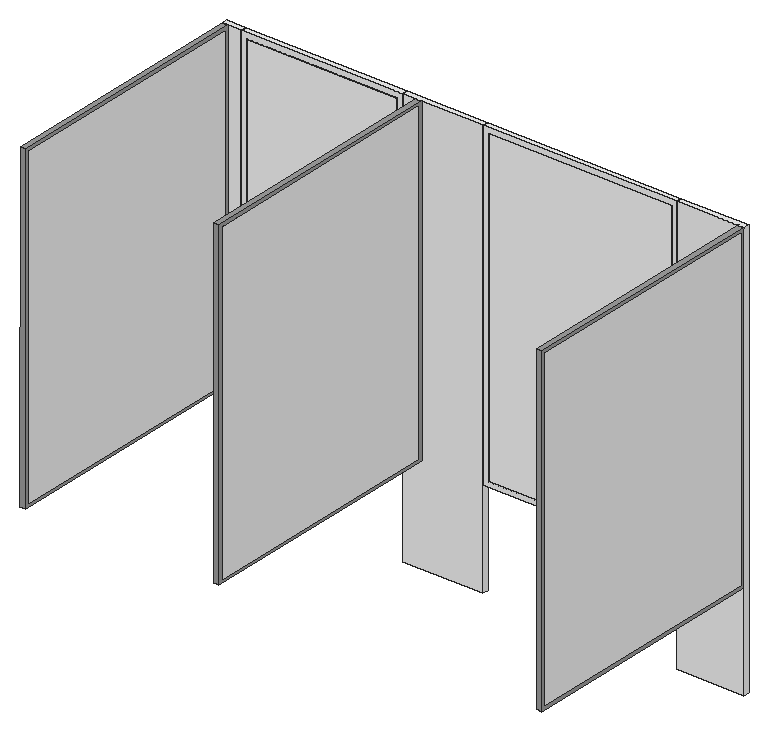
Revit family
Parameters (values of type "Parametric")
  Subcategory = "Bathroom Fixture"
  SmartBIM Object Version = 3  # constant formula
  SmartBIM Object Created By = "Reed Construction Data"  # constant formula
  Right Stall Width = 5' - 0"
  Panel Thickness = 0' - 1"
  Panel Material = Stainless steel
  Panel Length = Depth - Panel Thickness  # 3' - 11"
  Panel Height = 5' - 0"
  Manufacturer = ""
  Left Stall Width = 3' - 0"
  Left Stall Door Width = 2' - 6"
  Hinge Right = yes
  Height = 6' - 6"
  Handle Height = 2' - 6"
  Handle = yes
  Depth = 4' - 0"
  Assembly Code = "C1030110"
  95 CSI = "11420"
  2D Door Swing = 45.00°
  04 CSI = "11 44 00"
Reference planes (in)
  plane 1: y = 0
  plane 2 "Stall Separation": x = 0
  plane 3 "Wall Edge": y = 3
  plane 4: x = -36
  plane 5: x = 60
  plane 6 "Outer Edge": y = 51
  plane 7: y = 50
  plane 8 "Top of Panels": z = 78
  plane 9 "Bottom of Panel": z = 18
  plane 10: x = -18
  plane 11: x = 30
  plane 12 "Door Alignment": y = 50.5
Forms (in)
  Extrusion 1, solid, material "Stainless steel" <- "Panel Material"
    sketch origin (0, 0, 0) x (1, 0, 0) y (0, 1, 0)
      loop
        line (48, 51) -> (48, 50) -> (60.5, 50) -> (60.5, 51) -> (48, 51)
    from 0 to 78
  Extrusion 2, solid, material "Stainless steel" <- "Panel Material"
    sketch origin (0, 0, 0) x (1, 0, 0) y (0, 1, 0)
      loop
        line (-3, 50) -> (12, 50) -> (12, 51) -> (-3, 51) -> (-3, 50)
    from 0 to 78
  Extrusion 3, solid, material "Stainless steel" <- "Panel Material"
    sketch origin (-54, 0, 0) x (-1, 0, 0) y (0, -1, 0)
      loop
        line (-21, -50) -> (-21, -51) -> (-17.5, -51) -> (-17.5, -50) -> (-21, -50)
    from 0 to 78
Lines and regions (in)
  model lines
    curve 1: line (60.5, 51, 75) -> (48, 51, 75)
    curve 2: line (-3, 51, 75) -> (12, 51, 75)
    curve 3: line (-36.5, 51, 75) -> (-33, 51, 75)
Text (in)
  text "Placement Side" at (0, 40.15149, 123.01588), in view "Right"
  text "Placement Side" at (-70.3804, 28.46503, 0), in view "Ref. Level"
  text "Placement Side" at (0, 81.62555, 140.59947), in view "Left"
Dimensions and locks (in)
  locked: plane 3 "Wall Edge" to host wall
  "Depth": plane 6 "Outer Edge" to plane 3 "Wall Edge"
  "Right Stall Width": plane 2 "Stall Separation" to plane 5
  "Left Stall Width": plane 4 to plane 2 "Stall Separation"
  "Panel Thickness": plane 6 "Outer Edge" to plane 7
  "Panel Height": plane 8 "Top of Panels" to plane 9 "Bottom of Panel"
  "Height": plane 8 "Top of Panels" to level
  equal spacing: plane 4, plane 10, plane 2 "Stall Separation"
  equal spacing: plane 2 "Stall Separation", plane 11, plane 5
  locked: curve 1 to plane 8 "Top of Panels" at 3
  locked: curve 2 to Extrusion 2 at 3
  locked: curve 3 to plane 8 "Top of Panels" at 3
  equal spacing: plane 6 "Outer Edge", plane 12 "Door Alignment", plane 7
  aligned and locked: plane 3 "Wall Edge" to nested 1
  aligned and locked: plane 4 to nested 1
  aligned and locked: plane 3 "Wall Edge" to nested 2
  aligned and locked: plane 8 "Top of Panels" to nested 1
  aligned and locked: plane 8 "Top of Panels" to nested 2
  aligned and locked: nested 3 to plane 2 "Stall Separation"
  aligned and locked: plane 3 "Wall Edge" to nested 3
  aligned and locked: plane 8 "Top of Panels" to nested 3
  aligned and locked: nested 2 to plane 5
  aligned and locked: plane 8 "Top of Panels" to nested 4
  aligned and locked: nested 4 to plane 11
  aligned and locked: Extrusion 1 sketch curve to plane 6 "Outer Edge"
  aligned and locked: nested 4 to Extrusion 1 sketch curve
  aligned and locked: Extrusion 1 sketch curve to plane 7
  aligned and locked: plane 8 "Top of Panels" to Extrusion 1
  aligned and locked: Extrusion 1 to curve 1  (x2)
  aligned and locked: nested 5 to plane 10
  aligned and locked: plane 8 "Top of Panels" to nested 5
  aligned and locked: Extrusion 2 sketch curve to plane 7
  aligned and locked: Extrusion 2 sketch curve to plane 6 "Outer Edge"
  aligned and locked: nested 5 to Extrusion 2 sketch curve
  aligned and locked: nested 4 to Extrusion 2 sketch curve
  aligned and locked: plane 8 "Top of Panels" to Extrusion 2
  aligned and locked: Extrusion 2 to curve 2  (x2)
  aligned and locked: Extrusion 3 sketch curve to nested 1
  aligned and locked: plane 6 "Outer Edge" to Extrusion 3 sketch curve
  aligned and locked: plane 7 to Extrusion 3 sketch curve
  aligned and locked: nested 5 to Extrusion 3 sketch curve
  aligned and locked: Extrusion 3 to curve 3  (x2)
  aligned and locked: plane 8 "Top of Panels" to Extrusion 3
  aligned and locked: nested 4 to plane 12 "Door Alignment"
  aligned and locked: nested 5 to plane 12 "Door Alignment"
Automatic sketch dimensions
  plane 5 to Extrusion 1 sketch curve = 0' - 0 1/2"
Nested families (in)
  nested 1: "Panel" at (-36.5, 49.5, 18.5) x (0, 1, 0) z (0, 0, 1), type "Parametric"
    with Width 3' - 11"
  nested 2: "Panel" at (59.5, 49.5, 18.5) x (0, 1, 0) z (0, 0, 1), type "Parametric"
    with Width 3' - 11"
  nested 3: "Panel" at (-0.5, 49.5, 18.5) x (0, 1, 0) z (0, 0, 1), type "Parametric"
    with Width 3' - 11"
  nested 4: "Door-ToiletPartition" at (12, 50, 18) x (-1, 0, 0) z (0, 0, 1), type "Door"
    with Width 3' - 0", Handle Left/Right Offset 0' - 5.4"
  nested 5: "Door-ToiletPartition" at (-33, 50, 18) x (-1, 0, 0) z (0, 0, 1), Width <- "Left Stall Door Width", type "Door"
    with Width 2' - 6", Handle Left/Right Offset 0' - 4 1/2"
Definition of nested family "Panel"
  Parameters (values of type "Panel")
    Width = 6' - 0"
    Thickness = 0' - 1"
    Panel Material = Stainless steel
    Height = 5' - 0"
    Assembly Code = ""
  Reference planes (in)
    plane 1 "Back": y = 0
    plane 2: z = 0
    plane 3 "Center (Left/Right)": x = 0
    plane 4: x = -71.5
    plane 5: z = 59
    plane 6 "Front": y = -1
    plane 7: x = -71
    plane 8: x = 0.5
    plane 9: z = 59.5
    plane 10: z = -0.5
    plane 11 "Center (Front/Back)": y = -0.5
  Forms (in)
    Sweep 1, solid, material "Default"
      path origin (0, 0, 0) x (1, 0, 0) y (0, 0, 1)
        loop
          line (-71.5, -0.5) -> (0.5, -0.5) -> (0.5, 59.5) -> (-71.5, 59.5) -> (-71.5, -0.5)
      profile origin (-35.5, 0, -0.5) x (0, 0, 1) y (0, -1, 0)
        loop
          line (0, 0) -> (0.5, 0) -> (0.5, 1) -> (0, 1) -> (0, 0)
    Extrusion 2, solid, material "Stainless steel" <- "Panel Material"
      sketch origin (0, 0, 0) x (1, 0, 0) y (0, 0, 1)
        loop
          line (-71, 59) -> (-71, 0) -> (0, 0) -> (0, 59) -> (-71, 59)
      from 0 to 1
  Dimensions and locks (in)
    "Width": plane 4 to plane 8
    "Height": plane 9 to plane 10
    "Thickness": plane 6 "Front" to plane 1 "Back"
    locked: level to plane 10 at 0.5
    locked: plane 4 to plane 7 at 0.5
    locked: plane 8 to plane 3 "Center (Left/Right)" at 0.5
    locked: plane 9 to plane 5 at 0.5
    equal spacing: plane 1 "Back", plane 11 "Center (Front/Back)", plane 6 "Front"
    aligned and locked: plane 4 to Sweep 1 sketch curve
    aligned and locked: Sweep 1 sketch curve to plane 10
    aligned and locked: plane 9 to Sweep 1 sketch curve
    aligned and locked: plane 8 to Sweep 1 sketch curve
    aligned and locked: profile plane to Sweep 1 sketch curve
    aligned and locked: Sweep 1 sketch curve to profile plane
    aligned and locked: level to Sweep 1 sketch curve
    aligned and locked: plane 6 "Front" to Sweep 1 sketch curve
    aligned and locked: Extrusion 2 sketch curve to Sweep 1  (x4)
    aligned and locked: Extrusion 2 to plane 1 "Back"
    aligned and locked: Extrusion 2 to plane 6 "Front"
Definition of nested family "Door-ToiletPartition"
  Parameters (values of type "Door")
    Width [instance] = 3' - 0"
    Thickness = 0' - 1"
    Hinge Right = yes
    Hinge Left = not(Hinge Right)  # no
    Height = 5' - 0"
    Handle Thickness = 0' - 0 1/4"
    Handle Radius = 0' - 0 3/4"
    Handle Left/Right Offset [instance] = if(Hinge Left, 0.85 * Width, if(Hinge Right, 0.15 * Width, 0.85 * Width))  # 0' - 5.4"
    Handle Height = 2' - 6"
    Handle = yes
    Frame and Handle Material = Stainless steel
    Door Panel = Cover sheet cladding
    Assembly Code = ""
    2D Door Swing = 45.00°
  Reference planes (in)
    plane 1 "Back Edge": y = 0
    plane 2: z = 0
    plane 3 "Right": x = 0
    plane 4 "Left": x = -36
    plane 5: z = 60
    plane 6: z = 59
    plane 7: x = -35
    plane 8: x = -1
    plane 9: z = 1
    plane 10 "Front Edge": y = -1
    plane 11 "Center Left/Right": x = -18
    plane 12 "Handle Up/Down Placement": z = 30
    plane 13 "Handle Left/Right Placement": x = -5.4
    plane 14 "Center Front/Back": y = -0.5
    plane 15 "Door Center Up/Down": z = 30
  Forms (in)
    Sweep 1, solid, material "Stainless steel" <- "Frame and Handle Material"
      path origin (0, 0, 0) x (1, 0, 0) y (0, 0, 1)
        loop
          line (-36, 0) -> (0, 0) -> (0, 60) -> (-36, 60) -> (-36, 0)
      profile origin (-18, 0, 0) x (0, 0, 1) y (0, -1, 0)
        loop
          line (0, 0) -> (1, 0) -> (1, 1) -> (0, 1) -> (0, 0)
    Extrusion 2, solid, material "Cover sheet cladding" <- "Door Panel"
      sketch origin (0, 0, 0) x (1, 0, 0) y (0, 0, 1)
        loop
          line (-35, 1) -> (-1, 1) -> (-1, 59) -> (-35, 59) -> (-35, 1)
      from 0 to 1
  Dimensions and locks (in)
    "Width": plane 3 "Right" to plane 4 "Left"
    "Height": plane 5 to level
    "Thickness": plane 10 "Front Edge" to plane 1 "Back Edge"
    locked: plane 5 to plane 6 at 1
    locked: plane 7 to plane 4 "Left" at 1
    locked: plane 3 "Right" to plane 8 at 1
    locked: plane 9 to level at 1
    equal spacing: plane 3 "Right", plane 11 "Center Left/Right", plane 4 "Left"
    "Handle Height": plane 12 "Handle Up/Down Placement" to level
    "Handle Left/Right Offset": plane 3 "Right" to plane 13 "Handle Left/Right Placement"
    equal spacing: plane 10 "Front Edge", plane 14 "Center Front/Back", plane 1 "Back Edge"
    equal spacing: plane 5, plane 15 "Door Center Up/Down", level
    aligned and locked: plane 4 "Left" to Sweep 1 sketch curve
    aligned and locked: Sweep 1 sketch curve to plane 2
    aligned and locked: plane 5 to Sweep 1 sketch curve
    aligned and locked: plane 3 "Right" to Sweep 1 sketch curve
    aligned and locked: Sweep 1 sketch curve to profile plane
    aligned and locked: plane 9 to Sweep 1 sketch curve
    aligned and locked: Sweep 1 sketch curve to plane 10 "Front Edge"
    aligned and locked: Sweep 1 to Extrusion 2 sketch curve
    aligned and locked: Extrusion 2 sketch curve to Sweep 1  (x3)
    aligned and locked: plane 10 "Front Edge" to Extrusion 2
    aligned and locked: Extrusion 2 to plane 1 "Back Edge"
    aligned and locked: Extrusion 2 to plane 7
    aligned and locked: plane 8 to Extrusion 2
    aligned and locked: plane 1 "Back Edge" to Sweep 1 sketch curve
    aligned and locked: nested 1 to plane 10 "Front Edge"
    aligned and locked: plane 13 "Handle Left/Right Placement" to nested 1
    aligned and locked: plane 12 "Handle Up/Down Placement" to nested 1
    aligned and locked: plane 10 "Front Edge" to nested 2
    aligned and locked: plane 4 "Left" to nested 3
    aligned and locked: plane 15 "Door Center Up/Down" to nested 3
    aligned and locked: nested 2 to plane 4 "Left"
    aligned and locked: Sweep 1 to plane 1 "Back Edge"
  Nested families (in)
    nested 1: "Handle-ToiletPartition" at (-5.27589, -1.125, 29.25), visible <- "Handle", type "Handle-ToiletPartition"
      with Radius 0' - 0 3/4"
    nested 2: "Swing-Door" at (-15.89511, -16.10489, 0) x (-1, 0, 0) z (0, 0, 1), type "Swing-Door"
      with Panel Thickness 0' - 1"
    nested 3: "Door-Swing_Elevation" at (-36, 0, 0) x (1, 0, 0) z (0, -1, 0), Width <- "Width", Height <- "Height", type "Door-Swing_Elevation"
      with Width 3' - 0", Height 5' - 0", Hinge Right yes, Hinge Left no
  Definition of nested family "Handle-ToiletPartition"
    Parameters
      Thickness = 0' - 0 1/4"
      Radius = 0' - 1 1/2"
      Handle Material = none
    Reference planes (in)
      plane 1 "Center (Front/Back)": y = 0
      plane 2: z = 0
      plane 3 "Center (Left/Right)": x = -0.12411
      plane 4 "Back": y = 0.125
      plane 5 "Front": y = -0.125
      plane 6: x = -0.87411
      plane 7: x = 0.62589
      plane 8 "Top Edge": z = 1.5
      plane 9: z = 0.75
    Forms (in)
      Extrusion 1, solid, material <- "Handle Material"
        sketch origin (0, -0.125, 0) x (-1, 0, 0) y (0, 0, 1)
          loop
            circle (0.12411, 0.75) r 1.5
        from 0 to 0.25
    Dimensions and locks (in)
      equal spacing: plane 6, plane 3 "Center (Left/Right)", plane 7
      "Thickness": plane 4 "Back" to plane 5 "Front"
      equal spacing: plane 4 "Back", plane 1 "Center (Front/Back)", plane 5 "Front"
      equal spacing: plane 8 "Top Edge", plane 9, level
      "Radius": radius of Extrusion 1 sketch curve
      aligned and locked: plane 4 "Back" to Extrusion 1
    Automatic sketch dimensions
      Extrusion 1 sketch curve to plane 3 "Center (Left/Right)" = 0' - 0"
      Extrusion 1 sketch curve to plane 9 = 0' - 0"
  Definition of nested family "Swing-Door"
    Parameters
      Panel Width = 3' - 0"
      Panel Thickness = 0' - 0 3/4"
      2D Angle = 45.00°
    Reference planes (in)
      plane 1 "Center (Front/Back)": y = 2.89511
      plane 2: z = 0
      plane 3 "Center (Left/Right)": x = 2.10489
      plane 4 "Left": x = -15.89511
      plane 5 "Right": x = 20.10489
      plane 6 "Exterior Side": y = 20.89511
      plane 7 "Wall Side": y = -15.10489
    Lines and regions (in)
      reference lines, in view "Ref. Level"
        curve 1: line (20.10489, -15.10489, 0) -> (-5.35095, 10.35095, 0)
      detail lines, in view "Ref. Level"
        curve 2: line (20.10489, -15.10489, 0) -> (-5.35095, 10.35095, 0)
        curve 3: line (-5.35095, 10.35095, 0) -> (-5.88128, 9.82062, 0)
        curve 4: line (-5.88128, 9.82062, 0) -> (19.57456, -15.63522, 0)
        curve 5: line (19.57456, -15.63522, 0) -> (20.10489, -15.10489, 0)
        curve 6: arc (-15.89511, -15.10489, 0) -> (-13.15477, -1.32829, 0) -> (-5.35095, 10.35095, 0) r 36
    Dimensions and locks (in)
      equal spacing: plane 6 "Exterior Side", plane 1 "Center (Front/Back)", plane 7 "Wall Side"
      "Panel Width": plane 6 "Exterior Side" to plane 7 "Wall Side"
      equal spacing: plane 4 "Left", plane 3 "Center (Left/Right)", plane 5 "Right"
      "Panel Width": plane 4 "Left" to plane 5 "Right"
      "Panel Width": curve 1 to curve 1
      "Panel Thickness": curve 2 to curve 4
      "Panel Width": curve 5 to curve 3
      "Panel Width": radius of curve 6
      "2D Angle": angle curve 1 to plane 7 "Wall Side"
      aligned and locked: curve 2 to curve 1
    Automatic sketch dimensions
      curve 1 to plane 5 "Right" = 0' - 0"
      curve 1 to plane 7 "Wall Side" = 0' - 0"
      curve 6 to plane 4 "Left" = 0' - 0"
      curve 5 to plane 5 "Right" = 0' - 0"
  Definition of nested family "Door-Swing_Elevation"
    Parameters (values of type "Door-Swing_Elevation")
      Width [instance] = 1' - 0"
      Hinge Right = no
      Hinge Left = yes
      Height [instance] = 1' - 6"
      Assembly Code = ""
    Reference planes (in)
      plane 1 "Bottom": y = 0
      plane 2: z = 0
      plane 3 "Left": x = 0
      plane 4 "Right": x = 12
      plane 5 "Top": y = 18
      plane 6: y = 9
    Lines and regions (in)
      detail lines, style "DetailComponentsHiddenLines", in view "Ref. Level", visible <- "Hinge Right"
        curve 1: line (12, 18, 0) -> (0, 9, 0)
        curve 2: line (0, 9, 0) -> (12, 0, 0)
      detail lines, style "DetailComponentsHiddenLines", in view "Ref. Level", visible <- "Hinge Left"
        curve 3: line (0, 18, 0) -> (12, 9, 0)
        curve 4: line (12, 9, 0) -> (0, 0, 0)
    Dimensions and locks (in)
      equal spacing: plane 1 "Bottom", plane 6, plane 5 "Top"
      "Width": plane 3 "Left" to plane 4 "Right"
      "Height": plane 1 "Bottom" to plane 5 "Top"
      aligned and locked: plane 1 "Bottom" to curve 4
      aligned and locked: plane 3 "Left" to curve 4
    Automatic sketch dimensions
      curve 1 to plane 3 "Left" = 0' - 0"
      curve 3 to plane 3 "Left" = 0' - 0"
      curve 3 to plane 4 "Right" = 0' - 0"
      curve 2 to plane 1 "Bottom" = 0' - 0"
      curve 2 to plane 4 "Right" = 0' - 0"
      curve 1 to plane 4 "Right" = 0' - 0"
      curve 2 to plane 6 = 0' - 0"
      curve 4 to plane 6 = 0' - 0"
      curve 3 to plane 5 "Top" = 0' - 0"
      curve 1 to plane 5 "Top" = 0' - 0"
